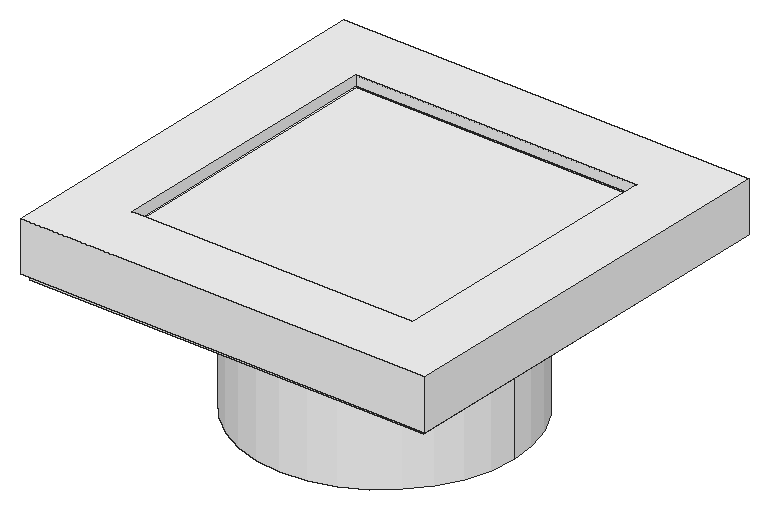
Revit family "Gira_110426", category Electrical Fixtures, host Face, Revit 2017
Family settings
  Host = Face
  Maintain Annotation Orientation = Yes
  Round Connector Dimension = Use Diameter
  Part Type = Normal
  Cut with Voids When Loaded = No
  Shared = No
  Room Calculation Point = No
Parameters (values of type "Wippschalter Anzeige Hotelzimmerstatus System 55 F Alu")
  Zusammenstellung = "Basiselement mit zentraler Abdeckplatte"
  White [instance] = White
  Werkstoffgüte = "sonstige"
  Werkstoff = "sonstige"
  Waschmaschinenschalter = "No"
  URL = "http://katalog.gira.de/de_DE/datenblatt.html?artikelnr=110426"
  Textfeld/Beschriftungsfläche = "nein"
  Tastschalter = "No"
  Schaltungsart = "Serienschalter"
  Rückmeldekontakt = "No"
  Region = "DE"
  Oberfläche = "sonstige"
  Nennspannung = "250 Volt"
  Name = "Wippschalter Anzeige Hotelzimmerstatus System 55 F Alu"
  Montageart = "unter Putz"
  Model = "Sys55_Komplettgerät_Schalten und Tasten"
  Mit Montageplatte = "No"
  Manufacturer URL = "https://www.gira.de/"
  HeinzeBIM = "https://bimportal.heinze.de/bim/wippschalter-anzeige-hotelzimmerstatus-system-55-f-alu/031d2e370d3b0ad955bbf0d3ab9c34a8b9dba8f2"
  Halogenfrei = "No"
  HAN = "110426"
  Geeignet für Schutzart (IP) = "IP20"
  GTIN = "4010337104261"
  Farbe = "aluminium"
  Default Elevation = 1219.2 mm
  Data sheet (1) = "https://katalog.gira.de/de_DE/download.html?artikelnr=110426"
  Category = "Installationsschalter"
  Bemessungsstrom = "10 Ampere"
  Beleuchtung = "nein"
  Befestigungsart = "Krallen-/Schraubbefestigung"
  Bedienungsart = "Wippe/Taste"
  Available = "Yes"
  Anzahl der Module (bei Modulbauweise) = "1 "
  Anzahl der Betätigungswippen = "2 "
  Anschlussart = "Steckklemme"
Reference planes
  plane 1 "Center (Front/Back)": y = 0
  plane 2: z = 0
  plane 3 "Center (Left/Right)": x = 0
Forms (mm)
  Extrusion 1, solid, material "White" <- "White", detail levels medium
    sketch origin (0, 0, 0) x (1, 0, 0) y (0, 1, 0)
      loop
        line (-40.4, 40.4) -> (-40.4, -40.4) -> (40.4, -40.4) -> (40.4, 40.4) -> (-40.4, 40.4)
      loop
        line (-28, 28) -> (-28, -28) -> (28, -28) -> (28, 28) -> (-28, 28)
    from 0 to 10
  Extrusion 2, solid, material "White" <- "White", detail levels fine
    sketch origin (0, 0, 0) x (1, 0, 0) y (0, 1, 0)
      loop
        line (-40.4, 40.4) -> (-40.4, -40.4) -> (40.4, -40.4) -> (40.4, 40.4) -> (-40.4, 40.4)
      loop
        line (-28, 28) -> (-28, -28) -> (28, -28) -> (28, 28) -> (-28, 28)
    from 0 to 10
  Extrusion 3, void
    sketch origin (0, 0, 0) x (1, 0, 0) y (0, 1, 0)
      loop
        line (-38.4, 38.4) -> (-38.4, -38.4) -> (38.4, -38.4) -> (38.4, 38.4) -> (-38.4, 38.4)
    from 0 to 8
  Extrusion 4, solid, material "White" <- "White", detail levels medium+fine
    sketch origin (0, 0, 0) x (1, 0, 0) y (0, 1, 0)
      loop
        line (-39.4, 39.4) -> (-39.4, -39.4) -> (39.4, -39.4) -> (39.4, 39.4) -> (-39.4, 39.4)
    from 0 to -1
  Extrusion 5, solid, material "White" <- "White", detail levels medium+fine
    sketch origin (0, 0, 0) x (1, 0, 0) y (0, 1, 0)
      loop
        line (-35.5, 35.5) -> (-35.5, -35.5) -> (35.5, -35.5) -> (35.5, 35.5) -> (-35.5, 35.5)
    from -2 to -3
  Extrusion 6, solid, material "White" <- "White", detail levels medium+fine
    sketch origin (0, 0, 0) x (1, 0, 0) y (0, 1, 0)
      loop
        circle (0, 0) r 26
    from 0 to -27.5
  Extrusion 7, solid, material "White" <- "White", detail levels coarse
    sketch origin (0, 0, 0) x (1, 0, 0) y (0, 1, 0)
      loop
        line (-40.4, 40.4) -> (-40.4, -40.4) -> (40.4, -40.4) -> (40.4, 40.4) -> (-40.4, 40.4)
    from -27.5 to 10
Cuts and joins
  Extrusion 3 cuts Extrusion 2
Dimensions and locks
  aligned and locked: plane 2 to host face
  aligned and locked: level to host face
  aligned and locked: plane 3 "Center (Left/Right)" to nested 2
  aligned and locked: plane 1 "Center (Front/Back)" to nested 2
Nested families
  nested 1: "Sys55_Abdeckung_Schalten und Tasten_floor_base" at (0, 0, 0), type "Sys55_Abdeckung_Schalten und Tasten_floor_base"
  nested 2: "Schalter" at (0, 0, 0), type "Schalter"
Connectors
  electrical at (0, 0, -27.5)
    settings: on Extrusion 6, index 1, voltage 220 V, apparent load 0 VA, apparent load phase1 0 VA, apparent load phase2 0 VA, apparent load phase3 0 VA, power factor 1, load classification "Other", number of poles 1, system type 30, power factor state 1, is connector primary yes, connector utility no, sub classification motor no, connector description ""
Definition of nested family "Sys55_Abdeckung_Schalten und Tasten_floor_base"
  Parameters
    Default Elevation = 1219.2 mm
    White [instance] = none
  Reference planes
    plane 1 "Center (Front/Back)": y = 0
    plane 2: z = 0
    plane 3 "Center (Left/Right)": x = 0
  Forms (mm)
    Extrusion 1, solid
      sketch origin (0, 0, 0) x (1, 0, 0) y (0, 1, 0)
        loop
          line (-1219.2, 1219.2) -> (-1219.2, -1219.2) -> (1219.2, -1219.2) -> (1219.2, 1219.2) -> (-1219.2, 1219.2)
      from 0 to -304.8
    Extrusion 2, solid, material <- "White", detail levels fine
      sketch origin (0, 0, 0) x (1, 0, 0) y (0, 1, 0)
        loop
          line (-27.5, 27.5) -> (-27.5, -27.5) -> (27.5, -27.5) -> (27.5, 27.5) -> (-27.5, 27.5)
      from 0 to 8
    Extrusion 3, void
      sketch origin (0, 0, 0) x (1, 0, 0) y (0, 1, 0)
        loop
          line (26, 26) -> (-26, 26) -> (-26, -26) -> (26, -26) -> (26, 26)
      from 0 to 6
    Extrusion 4, solid, material <- "White", detail levels medium
      sketch origin (0, 0, 0) x (1, 0, 0) y (0, 1, 0)
        loop
          line (-27.5, 27.5) -> (-27.5, -27.5) -> (27.5, -27.5) -> (27.5, 27.5) -> (-27.5, 27.5)
      from 0 to 8
    Extrusion 5, solid, material <- "White", detail levels medium
      sketch origin (0, 0, 0) x (1, 0, 0) y (0, 1, 0)
        loop
          line (11, -17.5) -> (11, 17.5) -> (-11, 17.5) -> (-11, -17.5) -> (11, -17.5)
      from -6 to 6
    Extrusion 6, solid, material <- "White", detail levels fine
      sketch origin (0, 0, 0) x (1, 0, 0) y (0, 1, 0)
        loop
          line (11, 17.5) -> (-11, 17.5) -> (-11, 16.5) -> (11, 16.5) -> (11, 17.5)
        loop
          line (-11, -16.5) -> (-11, -17.5) -> (11, -17.5) -> (11, -16.5) -> (-11, -16.5)
      from -4 to 6
    Extrusion 7, solid, material <- "White", detail levels fine
      sketch origin (0, 0, 0) x (1, 0, 0) y (0, 1, 0)
        loop
          arc (5, 9.347) -> (0, 10.6) -> (-5, 9.347) r 10.6
          line (-5, 9.347) -> (-5, -9.347)
          arc (-5, -9.347) -> (0, -10.6) -> (5, -9.347) r 10.6
          line (5, -9.347) -> (5, 9.347)
      from -6 to 6
    Extrusion 8, solid, material <- "White", detail levels coarse
      sketch origin (0, 0, 0) x (1, 0, 0) y (0, 1, 0)
        loop
          line (-27.5, 27.5) -> (-27.5, -27.5) -> (27.5, -27.5) -> (27.5, 27.5) -> (-27.5, 27.5)
      from -6 to 8
  Cuts and joins
    Extrusion 3 cuts Extrusion 2
  Dimensions and locks
    aligned and locked: plane 2 to Extrusion 1
    aligned and locked: level to Extrusion 1
Definition of nested family "Schalter"
  Reference planes
    plane 1: y = 0
    plane 2: x = 0
  Lines and regions (mm)
    detail lines
      curve 1: circle (1.375, 2.778, 0) r 0.8 normal (0, 0, 1)
      curve 2: line (1.021, 2.061, 0) -> (0, 0, 0)
      curve 3: line (0, 0, 0) -> (-0.538, 0.266, 0)
  Dimensions and locks
    curve 2 to curve 2 = 2.3 mm
    curve 3 to curve 2 = 0.6 mm
    radius of curve 1 = 0.8 mm
